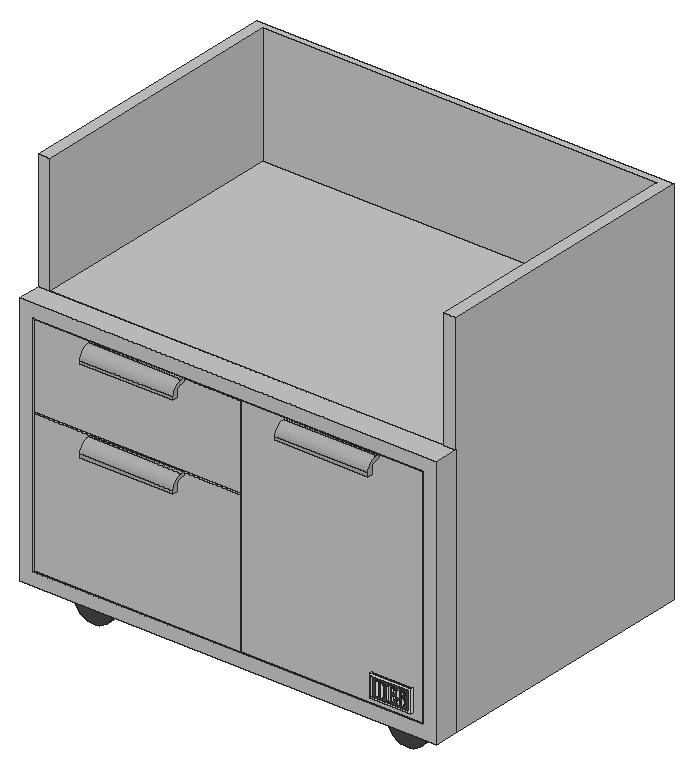
Revit family "DCS_Revit_18_CAD1-36E_Storage_593503A", category Specialty Equipment, Revit 2018
Family settings
  Round Connector Dimension = Use Diameter
  Part Type = Normal
  OmniClass Number = 23.40.40.14.17.21
  OmniClass Title = Grills
  Work Plane-Based = No
  Always vertical = Yes
  Cut with Voids When Loaded = Yes
  Shared = No
  Room Calculation Point = No
Parameters (values of type "CAD1-36E")
  Visibility - Clearance Required = yes
  URL = "www.dcsappliances.com"
  Product - Width = 914 mm  # constant formula
  Product - Height = 902 mm  # constant formula
  Product - Depth = 678 mm  # constant formula
  Model = "CAD1-36E"
  Material - Handle = DCS - Aluminium
  Material - Body = DCS - Stainless Steel
  Manufacturer = "Fisher & Paykel"
  Keynote = ""
  Description = "36\" Professional Grill Cart"
  Connector Description - Gas = "Refer to the Grill installation guide/user guide for gas connection instructions"
  Connector Description - Electrical = "120 V, 15A, GFI (Ground Fault Interrupter)"
  Chassis - Width = 914 mm  # constant formula
  Chassis - Height = 816 mm  # constant formula
  Chassis - Depth = 648 mm  # constant formula
Reference planes
  plane 1 "Center (Front/Back)": y = 0
  plane 2: z = 0
  plane 3 "Center (Left/Right)": x = 0
  plane 4 "Product LHS": x = -457
  plane 5 "Product RHS": x = 457
  plane 6 "Product - Depth": y = 648
  plane 7 "Product - Front": y = -30
  plane 8 "Product - Height": z = 902
  plane 9 "Chassis": z = 86
Forms (mm)
  Extrusion 1, solid, material "DCS - Stainless Steel" <- "Material - Body"
    sketch origin (0, 0, 0) x (1, 0, 0) y (0, 0, 1)
      loop
        line (-457, 642) -> (-457, 86) -> (457, 86) -> (457, 642) -> (-457, 642)
      loop
        line (428.4, 114.6) -> (428.4, 613.4) -> (-428.4, 613.4) -> (-428.4, 114.6) -> (428.4, 114.6)
      loop
        line (-425.2, 610.263) -> (-425.2, 429.263) -> (26.781, 429.263) -> (26.781, 610.263) -> (-425.2, 610.263)
      loop
        line (-425.2, 117.737) -> (26.781, 117.737) -> (26.781, 426.063) -> (-425.2, 426.063) -> (-425.2, 117.737)
      loop
        line (424.8, 117.737) -> (424.8, 610.263) -> (30.006, 610.263) -> (30.006, 117.737) -> (424.8, 117.737)
    from -51 to 0
  Extrusion 2, solid, material "DCS - Aluminium" <- "Material - Handle"
    sketch origin (0, 0, 0) x (0, 1, 0) y (0, 0, 1)
      loop
        arc (-6.134, 610.263) -> (-22.968, 603.705) -> (-30, 587.063) r 23.209
        line (-30, 587.063) -> (-30, 580.383) -> (-20.87, 580.383) -> (-20.87, 594.753)
        arc (-20.87, 594.753) -> (-14.896, 601.006) -> (-6.56, 603.308) r 16.245
        line (-6.56, 603.308) -> (0, 603.308) -> (0, 610.263) -> (-6.134, 610.263)
      loop
        arc (-6.134, 426.063) -> (-22.968, 419.505) -> (-30, 402.863) r 23.209
        line (-30, 402.863) -> (-30, 396.183) -> (-20.87, 396.183) -> (-20.87, 410.553)
        arc (-20.87, 410.553) -> (-14.896, 416.806) -> (-6.56, 419.108) r 16.245
        line (-6.56, 419.108) -> (0, 419.108) -> (0, 426.063) -> (-6.134, 426.063)
    from -301.2 to -97.2
  Extrusion 3, solid, material "DCS - Aluminium" <- "Material - Handle"
    sketch origin (0, 0, 0) x (0, 1, 0) y (0, 0, 1)
      loop
        arc (-6.134, 610.263) -> (-22.968, 603.705) -> (-30, 587.063) r 23.209
        line (-30, 587.063) -> (-30, 580.383) -> (-20.87, 580.383) -> (-20.87, 594.753)
        arc (-20.87, 594.753) -> (-14.896, 601.006) -> (-6.56, 603.308) r 16.245
        line (-6.56, 603.308) -> (0, 603.308) -> (0, 610.263) -> (-6.134, 610.263)
    from 125.6 to 329.6
  Extrusion 4, solid, material "DCS - Stainless Steel" <- "Material - Body"
    sketch origin (0, 0, 0) x (0, 1, 0) y (0, 0, 1)
      loop
        line (51, 86) -> (648, 86) -> (648, 902) -> (51, 902) -> (51, 86)
    from -457 to 457
  Extrusion 5, void
    sketch origin (0, 0, 0) x (1, 0, 0) y (0, 0, 1)
      loop
        line (-431.508, 902) -> (-431.508, 642) -> (431.508, 642) -> (431.508, 902) -> (-431.508, 902)
    from -633 to -51
  Extrusion 6, void
    sketch origin (0, 0, 0) x (1, 0, 0) y (0, 0, 1)
      loop
        circle (227.701, 311) r 25
    from -648 to -600
  Extrusion 7, solid, material "DCS - Black"
    sketch origin (0, 0, 0) x (1, 0, 0) y (0, 0, 1)
      loop
        circle (327, 45) r 45
      loop
        circle (-360, 45) r 45
    from -118.5 to -81.5
  Extrusion 8, solid, material "DCS - Black"
    sketch origin (0, 0, 0) x (1, 0, 0) y (0, 0, 1)
      loop
        circle (327, 45) r 45
      loop
        circle (-360, 45) r 45
    from -615 to -581.5
  Extrusion 9, solid, material "DCS - Stainless Steel" <- "Material - Body", detail levels fine
    sketch origin (0, 0, 0) x (1, 0, 0) y (0, 0, 1)
      loop
        line (-381.99, 86) -> (-381.99, 64.3) -> (-370.333, 39.838)
        arc (-370.333, 39.838) -> (-359.5, 33) -> (-348.667, 39.838) r 12
        line (-348.667, 39.838) -> (-336.99, 64.3) -> (-336.99, 86) -> (-381.99, 86)
      loop
        line (320, 86) -> (320, 45)
        arc (320, 45) -> (325.594, 37.37) -> (334.553, 40.411) r 8
        line (334.553, 40.411) -> (366.475, 86) -> (320, 86)
    from -126 to -76
  Extrusion 10, solid, material "DCS - Stainless Steel" <- "Material - Body", detail levels fine
    sketch origin (0, 0, 0) x (1, 0, 0) y (0, 0, 1)
      loop
        line (-381.99, 86) -> (-381.99, 64.3) -> (-370.333, 39.838)
        arc (-370.333, 39.838) -> (-359.5, 33) -> (-348.667, 39.838) r 12
        line (-348.667, 39.838) -> (-336.99, 64.3) -> (-336.99, 86) -> (-381.99, 86)
      loop
        line (320, 86) -> (320, 45)
        arc (320, 45) -> (325.594, 37.37) -> (334.553, 40.411) r 8
        line (334.553, 40.411) -> (366.475, 86) -> (320, 86)
    from -620.5 to -576
  Extrusion 11, solid, material "DCS - Clearance Required", visible <- "Visibility - Clearance Required", detail levels coarse
    sketch origin (0, 0, 0) x (0, 1, 0) y (0, 0, 1)
      loop
        line (-470, 587.054) -> (-470, 580.374) -> (-440, 580.374) -> (-440, 426.054) -> (-447.447, 426.054)
        arc (-447.447, 426.054) -> (-463.433, 419.032) -> (-470, 402.854) r 23.209
        line (-470, 402.854) -> (-470, 396.174) -> (-440, 396.174) -> (-440, 117.727) -> (0, 117.727) -> (0, 610.263) -> (-440, 610.263) -> (-446.791, 610.263)
        arc (-446.791, 610.263) -> (-463.202, 603.465) -> (-470, 587.054) r 23.209
    from -425.2 to 424.8
Cuts and joins
  Extrusion 5, Extrusion 6 cuts Extrusion 1
  Extrusion 5, Extrusion 6 cuts Extrusion 4
Text (mm)
  text "Due to ongoing product development, product details are subject to change without notice. \nPlease always refer to www.fisherpaykel.com for the most current product information. \n© Fisher & Paykel Appliances Ltd 2020" at (40.13, -167.118, 0), in view "Ref. Level (Plan)"
Dimensions and locks
  "Product - Width": plane 4 "Product LHS" to plane 5 "Product RHS"
  "Product - Height": level to plane 8 "Product - Height"
  equal spacing: cut or joined group of Extrusion 4, Extrusion 5, Extrusion 6, plane 3 "Center (Left/Right)", cut or joined group of Extrusion 4, Extrusion 5, Extrusion 6
  plane 7 "Product - Front" to plane 1 "Center (Front/Back)" = 30 mm
  "Product - Depth": plane 6 "Product - Depth" to plane 7 "Product - Front"
  locked: plane 1 "Center (Front/Back)" to cut or joined group of Extrusion 4, Extrusion 5, Extrusion 6 at 51
  "Chassis - Depth": plane 6 "Product - Depth" to plane 1 "Center (Front/Back)"
  "Chassis - Height": plane 9 "Chassis" to plane 8 "Product - Height"
  Extrusion 10 to Extrusion 10 = 45 mm
  equal spacing: plane 4 "Product LHS", plane 3 "Center (Left/Right)", plane 5 "Product RHS"
  aligned and locked: level to plane 2
  aligned and locked: Extrusion 4 sketch curve to plane 6 "Product - Depth"
  aligned and locked: plane 8 "Product - Height" to Extrusion 4 sketch curve
  aligned and locked: plane 4 "Product LHS" to Extrusion 4
  aligned and locked: Extrusion 4 to plane 5 "Product RHS"
  aligned and locked: Extrusion 1 sketch curve to plane 4 "Product LHS"
  aligned and locked: plane 6 "Product - Depth" to Extrusion 6
  aligned and locked: Extrusion 4 to cut or joined group of Extrusion 1, Extrusion 5, Extrusion 6
  aligned and locked: cut or joined group of Extrusion 1, Extrusion 5, Extrusion 6 to Extrusion 4
  aligned and locked: plane 4 "Product LHS" to Extrusion 1
  aligned and locked: Extrusion 1 to plane 5 "Product RHS"
  aligned and locked: Extrusion 2 to plane 7 "Product - Front"
Automatic sketch dimensions
  Extrusion 2 sketch curve to plane 1 "Center (Front/Back)" = 0 mm  (x2)
  plane 1 "Center (Front/Back)" to Extrusion 2 sketch curve = 6.134 mm  (x2)
  plane 1 "Center (Front/Back)" to Extrusion 2 sketch curve = 6.791 mm  (x2)
  plane 1 "Center (Front/Back)" to Extrusion 2 sketch curve = 6.56 mm  (x2)
  plane 7 "Product - Front" to Extrusion 2 sketch curve = 9.13 mm  (x2)
  plane 7 "Product - Front" to Extrusion 2 sketch curve = 0 mm  (x2)
  Extrusion 2 sketch curve to plane 9 "Chassis" = 310.183 mm
  Extrusion 2 sketch curve to Extrusion 2 sketch curve = 6.681 mm  (x2)
  Extrusion 2 sketch curve to Extrusion 2 sketch curve = 0 mm  (x2)
  Extrusion 2 sketch curve to Extrusion 2 sketch curve = 7.689 mm  (x2)
  Extrusion 2 sketch curve to Extrusion 2 sketch curve = 154.32 mm
  Extrusion 3 sketch curve to plane 1 "Center (Front/Back)" = 0 mm
  plane 1 "Center (Front/Back)" to Extrusion 3 sketch curve = 6.134 mm
  plane 1 "Center (Front/Back)" to Extrusion 3 sketch curve = 6.791 mm
  plane 1 "Center (Front/Back)" to Extrusion 3 sketch curve = 6.56 mm
  plane 7 "Product - Front" to Extrusion 3 sketch curve = 9.13 mm
  plane 7 "Product - Front" to Extrusion 3 sketch curve = 0 mm
  plane 8 "Product - Height" to Extrusion 3 sketch curve = 321.617 mm
  Extrusion 3 sketch curve to Extrusion 3 sketch curve = 6.681 mm
  Extrusion 3 sketch curve to Extrusion 3 sketch curve = 0 mm
  Extrusion 3 sketch curve to Extrusion 3 sketch curve = 7.689 mm
  plane 9 "Chassis" to Extrusion 4 sketch curve = 0 mm
  Extrusion 4 sketch curve to plane 1 "Center (Front/Back)" = 51 mm
  Extrusion 5 sketch curve to plane 8 "Product - Height" = 0 mm
  Extrusion 5 sketch curve to plane 4 "Product LHS" = 25.492 mm
  plane 5 "Product RHS" to Extrusion 5 sketch curve = 25.492 mm
  plane 8 "Product - Height" to Extrusion 5 sketch curve = 260 mm
  plane 5 "Product RHS" to Extrusion 6 sketch curve = 229.299 mm
  Extrusion 6 sketch curve to plane 9 "Chassis" = 225 mm
  plane 9 "Chassis" to Extrusion 7 sketch curve = 41 mm  (x2)
  plane 9 "Chassis" to Extrusion 8 sketch curve = 41 mm  (x2)
  Extrusion 8 sketch curve to plane 4 "Product LHS" = 97 mm
  plane 5 "Product RHS" to Extrusion 8 sketch curve = 130 mm
  Extrusion 9 sketch curve to plane 9 "Chassis" = 0 mm  (x2)
  plane 9 "Chassis" to Extrusion 9 sketch curve = 21.7 mm  (x2)
  Extrusion 9 sketch curve to plane 4 "Product LHS" = 75.01 mm
  level to Extrusion 9 sketch curve = 39.838 mm  (x2)
  Extrusion 9 sketch curve to Extrusion 9 sketch curve = 11.657 mm
  Extrusion 9 sketch curve to Extrusion 9 sketch curve = 10.833 mm
  Extrusion 9 sketch curve to Extrusion 9 sketch curve = 11.677 mm
  plane 5 "Product RHS" to Extrusion 9 sketch curve = 137 mm
  Extrusion 9 sketch curve to Extrusion 9 sketch curve = 8 mm
  level to Extrusion 9 sketch curve = 40.411 mm
  Extrusion 9 sketch curve to Extrusion 9 sketch curve = 6.553 mm
  Extrusion 9 sketch curve to Extrusion 9 sketch curve = 46.475 mm
  Extrusion 9 sketch curve to Extrusion 9 sketch curve = 5.162 mm
  Extrusion 10 sketch curve to plane 9 "Chassis" = 0 mm  (x2)
  plane 9 "Chassis" to Extrusion 10 sketch curve = 21.7 mm  (x2)
  Extrusion 10 sketch curve to plane 4 "Product LHS" = 75.01 mm
  level to Extrusion 10 sketch curve = 39.838 mm  (x2)
  Extrusion 10 sketch curve to Extrusion 10 sketch curve = 11.657 mm
  Extrusion 10 sketch curve to Extrusion 10 sketch curve = 10.833 mm
  Extrusion 10 sketch curve to Extrusion 10 sketch curve = 11.677 mm
  plane 5 "Product RHS" to Extrusion 10 sketch curve = 137 mm
  Extrusion 10 sketch curve to Extrusion 10 sketch curve = 8 mm
  level to Extrusion 10 sketch curve = 40.411 mm
  Extrusion 10 sketch curve to Extrusion 10 sketch curve = 6.553 mm
  Extrusion 10 sketch curve to Extrusion 10 sketch curve = 46.475 mm
  Extrusion 10 sketch curve to Extrusion 10 sketch curve = 5.162 mm
  plane 5 "Product RHS" to Extrusion 7 sketch curve = 130 mm
  Extrusion 7 sketch curve to plane 4 "Product LHS" = 97 mm
  plane 5 "Product RHS" to Extrusion 1 sketch curve = 0 mm
  Extrusion 1 sketch curve to plane 9 "Chassis" = 0 mm
  Extrusion 1 sketch curve to plane 4 "Product LHS" = 28.6 mm
  Extrusion 1 sketch curve to plane 4 "Product LHS" = 31.8 mm
  Extrusion 1 sketch curve to Extrusion 1 sketch curve = 0 mm  (x3)
  plane 3 "Center (Left/Right)" to Extrusion 1 sketch curve = 26.781 mm  (x2)
  Extrusion 1 sketch curve to Extrusion 1 sketch curve = 3.225 mm
  plane 5 "Product RHS" to Extrusion 1 sketch curve = 32.2 mm
  Extrusion 1 sketch curve to Extrusion 1 sketch curve = 3.6 mm
  Extrusion 1 sketch curve to plane 9 "Chassis" = 28.6 mm
  Extrusion 1 sketch curve to Extrusion 1 sketch curve = 3.137 mm  (x2)
  Extrusion 1 sketch curve to Extrusion 1 sketch curve = 308.326 mm
  Extrusion 1 sketch curve to Extrusion 1 sketch curve = 3.2 mm
  Extrusion 1 sketch curve to Extrusion 1 sketch curve = 181 mm
  Extrusion 1 sketch curve to Extrusion 1 sketch curve = 28.6 mm
  plane 8 "Product - Height" to Extrusion 11 sketch curve = 314.946 mm
  Extrusion 11 sketch curve to plane 7 "Product - Front" = 440 mm
  Extrusion 11 sketch curve to Extrusion 11 sketch curve = 0 mm
  Extrusion 11 sketch curve to Extrusion 11 sketch curve = 22.553 mm
  Extrusion 11 sketch curve to Extrusion 11 sketch curve = 23.209 mm  (x2)
  Extrusion 11 sketch curve to Extrusion 11 sketch curve = 6.791 mm  (x3)
  Extrusion 11 sketch curve to plane 9 "Chassis" = 31.727 mm
  Extrusion 11 sketch curve to Extrusion 11 sketch curve = 440 mm
  Extrusion 11 sketch curve to Extrusion 11 sketch curve = 190.881 mm
  Extrusion 11 sketch curve to Extrusion 11 sketch curve = 6.681 mm  (x2)
  radius of Extrusion 6 sketch curve = 25 mm
  radius of Extrusion 7 sketch curve = 45 mm  (x2)
  radius of Extrusion 8 sketch curve = 45 mm  (x2)
Nested families
  nested 1: "DCS Logo New Large" at (359.005, 0, 154.07), type "DCS Logo New Large"
Connectors
  electrical at (222.076, 648, 311), driven by "Connector Description - Electrical"
    settings: on cut or joined group of Extrusion 4, Extrusion 5, Extrusion 6, index 1, voltage 120 V, apparent load 0 VA, apparent load phase1 0 VA, apparent load phase2 0 VA, apparent load phase3 0 VA, power factor 1, load classification "Other", number of poles 1, system type 30, power factor state 1, is connector primary yes, connector utility no, sub classification motor no, connector description "120 V, 15A, GFI (Ground Fault Interrupter)"
  piping at (222.076, 648, 311), diameter 21, driven by "Connector Description - Gas"
    settings: on cut or joined group of Extrusion 4, Extrusion 5, Extrusion 6, index 2, connector inside diameter 609.6 mm, connector length 0 mm, flow factor 0, pipe flow 0.0 L/s, pressure drop 0.0 Pa, fitting loss kfactor 0, connector angle 0.00°, fixture units 0, engagement length 0 mm, angle of deflection 0.00°, flow configuration 0, flow direction 1, fitting loss method 0, system type 22, joint type 0, gender type 0, connector reference index -1, connector utility 0, adjustable connector no, is connector primary yes, connector description "Refer to the Grill installation guide/user guide for gas connection instructions"
Definition of nested family "DCS Logo New Large"
  Parameters (values of type "DCS Logo New Large")
    URL = "www.dcsappliances.com"
    Product - Width = 89.45 mm
    Product - Height = 49 mm
    Product - Depth = 6 mm
    Material - Logo = none
    Material - Body = none
    Manufacturer = "Fisher & Paykel Appliances"
  Reference planes
    plane 1 "Center (Front/Back)": y = 0
    plane 2: z = 0
    plane 3 "Center (Left/Right)": x = 0
    plane 4 "Product Top": z = 24.5
    plane 5 "Product LHS": x = -44.725
    plane 6 "Product RHS": x = 44.725
    plane 7 "Product - Depth": y = -6
    plane 8 "Product Bottom": z = -24.5
  Forms (mm)
    Extrusion 1, solid, material <- "Material - Logo", detail levels medium+fine
      sketch origin (0, 0, -0.347) x (1, 0, 0) y (0, 0, 1)
        loop
          line (-44.725, 24.847) -> (-44.725, -24.153) -> (44.725, -24.153) -> (44.725, 24.847) -> (-44.725, 24.847)
        loop
          line (-41.725, 21.847) -> (-41.725, -21.153) -> (41.725, -21.153) -> (41.725, 21.847) -> (-41.725, 21.847)
      from 0 to 6
    Extrusion 2, solid, material <- "Material - Body", detail levels medium+fine
      sketch origin (0, 0, 0) x (1, 0, 0) y (0, 0, 1)
        loop
          line (-41.725, 21.5) -> (-41.725, -21.5) -> (41.725, -21.5) -> (41.725, 21.5) -> (-41.725, 21.5)
      from 0 to 4.974
    Extrusion 3, solid, material <- "Material - Logo", detail levels fine
      sketch origin (0, 0, 0) x (1, 0, 0) y (0, 0, 1)
        loop
          line (-31.141, 15.364) -> (-31.141, -15.364) -> (-25.323, -15.364) -> (-25.323, 15.364) -> (-31.141, 15.364)
        loop
          arc (-20.07, -15.416) -> (-15.93, -13.415) -> (-14.252, -9.134) r 6.301
          line (-14.252, -9.134) -> (-14.252, 9.134)
          arc (-14.252, 9.134) -> (-15.93, 13.414) -> (-20.07, 15.412) r 6.296
          line (-20.07, 15.412) -> (-20.07, -15.416)
        loop
          arc (-8.445, -9.134) -> (-6.767, -13.414) -> (-2.627, -15.412) r 6.296
          line (-2.627, -15.412) -> (-2.627, 15.416)
          arc (-2.627, 15.416) -> (-6.767, 13.415) -> (-8.445, 9.134) r 6.301
          line (-8.445, 9.134) -> (-8.445, -9.134)
        loop
          arc (2.627, -15.377) -> (6.765, -13.401) -> (8.445, -9.134) r 6.259
          line (8.445, -9.134) -> (8.445, -4.011) -> (2.627, -4.011) -> (2.627, -15.377)
        loop
          arc (8.445, 9.134) -> (6.767, 13.414) -> (2.627, 15.412) r 6.296
          line (2.627, 15.412) -> (2.627, 4.011) -> (8.445, 4.011) -> (8.445, 9.134)
        loop
          line (20.07, -2.527) -> (20.07, 15.375)
          arc (20.07, 15.375) -> (15.932, 13.4) -> (14.252, 9.134) r 6.257
          line (14.252, 9.134) -> (14.252, 4.145)
          arc (14.252, 4.145) -> (16.005, -0.199) -> (20.07, -2.527) r 7.155
        loop
          line (14.252, -6.875) -> (14.252, -9.134)
          arc (14.252, -9.134) -> (15.93, -13.414) -> (20.07, -15.412) r 6.296
          line (20.07, -15.412) -> (20.07, -6.875) -> (14.252, -6.875)
        loop
          line (25.323, 2.499) -> (25.323, -15.378)
          arc (25.323, -15.378) -> (29.461, -13.401) -> (31.141, -9.134) r 6.259
          line (31.141, -9.134) -> (31.141, -4.145)
          arc (31.141, -4.145) -> (29.481, 0.271) -> (25.323, 2.499) r 6.702
        loop
          line (25.323, 6.875) -> (31.141, 6.875) -> (31.141, 9.134)
          arc (31.141, 9.134) -> (29.464, 13.419) -> (25.323, 15.427) r 6.313
          line (25.323, 15.427) -> (25.323, 6.875)
      from 4.974 to 6
  Dimensions and locks
    plane 7 "Product - Depth" to plane 1 "Center (Front/Back)" = 6 mm
    equal spacing: Extrusion 1 sketch curve, plane 3 "Center (Left/Right)", Extrusion 1 sketch curve
    "Product - Depth": plane 7 "Product - Depth" to plane 1 "Center (Front/Back)"
    equal spacing: plane 4 "Product Top", level, plane 8 "Product Bottom"
    "Product - Height": plane 4 "Product Top" to plane 8 "Product Bottom"
    equal spacing: plane 5 "Product LHS", plane 3 "Center (Left/Right)", plane 6 "Product RHS"
    "Product - Width": plane 5 "Product LHS" to plane 6 "Product RHS"
    aligned and locked: level to plane 2
    aligned and locked: Extrusion 1 to plane 7 "Product - Depth"
    aligned and locked: Extrusion 3 to plane 7 "Product - Depth"
    aligned and locked: plane 6 "Product RHS" to Extrusion 1 sketch curve
    aligned and locked: Extrusion 1 sketch curve to plane 4 "Product Top"
    aligned and locked: plane 8 "Product Bottom" to Extrusion 1 sketch curve
    aligned and locked: Extrusion 1 sketch curve to plane 5 "Product LHS"
    aligned and locked: Extrusion 2 sketch curve to Extrusion 1  (x4)
  Automatic sketch dimensions
    Extrusion 3 sketch curve to plane 5 "Product LHS" = 13.584 mm
    Extrusion 3 sketch curve to Extrusion 3 sketch curve = 5.818 mm  (x5)
    Extrusion 3 sketch curve to Extrusion 3 sketch curve = 4.771 mm
    Extrusion 3 sketch curve to Extrusion 3 sketch curve = 4.775 mm
    Extrusion 3 sketch curve to Extrusion 3 sketch curve = 6.296 mm
    Extrusion 3 sketch curve to Extrusion 3 sketch curve = 5.807 mm  (x3)
    Extrusion 3 sketch curve to plane 3 "Center (Left/Right)" = 2.627 mm
    Extrusion 3 sketch curve to plane 3 "Center (Left/Right)" = 2.149 mm
    Extrusion 3 sketch curve to plane 3 "Center (Left/Right)" = 2.144 mm
    plane 3 "Center (Left/Right)" to Extrusion 3 sketch curve = 2.148 mm
    plane 3 "Center (Left/Right)" to Extrusion 3 sketch curve = 2.186 mm
    plane 3 "Center (Left/Right)" to Extrusion 3 sketch curve = 2.627 mm  (x2)
    Extrusion 3 sketch curve to level = 2.527 mm
    Extrusion 3 sketch curve to Extrusion 3 sketch curve = 0 mm  (x3)
    Extrusion 3 sketch curve to Extrusion 3 sketch curve = 0.439 mm
    Extrusion 3 sketch curve to Extrusion 3 sketch curve = 0.478 mm
    level to Extrusion 3 sketch curve = 4.504 mm
    Extrusion 3 sketch curve to Extrusion 3 sketch curve = 0.889 mm
    Extrusion 3 sketch curve to Extrusion 3 sketch curve = 4.369 mm
    Extrusion 3 sketch curve to Extrusion 3 sketch curve = 4.32 mm
    Extrusion 3 sketch curve to Extrusion 3 sketch curve = 4.334 mm
    Extrusion 3 sketch curve to Extrusion 3 sketch curve = 5.254 mm  (x3)
    Extrusion 3 sketch curve to Extrusion 3 sketch curve = 6.702 mm
    Extrusion 3 sketch curve to level = 4.011 mm
    Extrusion 3 sketch curve to level = 4.145 mm
    Extrusion 3 sketch curve to Extrusion 3 sketch curve = 2.865 mm
    Extrusion 3 sketch curve to Extrusion 3 sketch curve = 4.989 mm
    Extrusion 3 sketch curve to Extrusion 3 sketch curve = 5.123 mm  (x2)
    Extrusion 3 sketch curve to Extrusion 3 sketch curve = 2.259 mm  (x2)
    Extrusion 3 sketch curve to level = 9.134 mm
    Extrusion 3 sketch curve to Extrusion 3 sketch curve = 6.23 mm  (x2)
    level to Extrusion 3 sketch curve = 4.011 mm
    level to Extrusion 3 sketch curve = 6.875 mm
    level to Extrusion 3 sketch curve = 9.134 mm
    Extrusion 3 sketch curve to Extrusion 3 sketch curve = 4.63 mm
    Extrusion 1 sketch curve to plane 5 "Product LHS" = 3 mm
    Extrusion 1 sketch curve to plane 4 "Product Top" = 3 mm
    plane 8 "Product Bottom" to Extrusion 1 sketch curve = 3 mm
